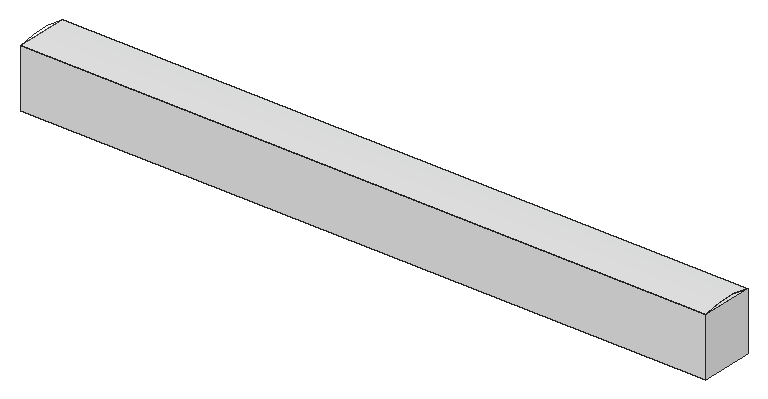
Revit family "Lighting-Linear-Acclaim-Nova", category Lighting Fixtures, host Face, Revit 2023
Family settings
  Host = Face
  Round Connector Dimension = Use Diameter
  Part Type = Normal
  Cut with Voids When Loaded = No
  Light Source = Yes
  Maintain Annotation Orientation = No
  Shared = No
  Room Calculation Point = No
Parameters
  Width = 3.74"
  Wattage = 9.2903 W
  built-in parameter 1150110 = 1 (stored number, unit not read)
  Voltage = 0 V
  URL = "http://www.acclaimlighting.com/"
  built-in parameter 1114217 = 1 (stored number, unit not read)
  Tilt Angle = -90.00°
  built-in parameter 1150109 = 1 (stored number, unit not read)
  built-in parameter 1150134 = 3
  built-in parameter 1150113 = 1 (stored number, unit not read)
  Power Factor = 1
  Photometric Web File = "Load File"
  Number of Poles = 1
  built-in parameter 1150142 = (empty or 0)
  Model = "Nova Linear"
  Manufacturer = "Acclaim Lighting"
  built-in parameter 1150105 = 109.82 (stored number, unit not read)
  Lumens = 1380 lm
  built-in parameter 1150115 = 1 (stored number, unit not read)
  built-in parameter 1150137 = (empty or 0)
  built-in parameter 1150139 = (empty or 0)
  Length = 48.00"
  built-in parameter 1150112 = 1 (stored number, unit not read)
  built-in parameter 1150114 = 1 (stored number, unit not read)
  Lamp = "LED"
  built-in parameter 1150132 = (empty or 0)
  built-in parameter 1150102 = (empty or 0)
  built-in parameter 1150107 = 3200 (stored number, unit not read)
  built-in parameter 1150138 = (empty or 0)
  built-in parameter 1150106 = 1.0982 (stored number, unit not read)
  Housing Finish = Aluminum
  Height = 4.35"
  Emit from Line Length = Length  # 48.00"
  built-in parameter 1150104 = 13.8 (stored number, unit not read)
  Dimming Lamp Color Temperature Shift = <None>
  Description = "Linear LED"
  Default Elevation = 48.00"
  Color Filter = 16777215
  built-in parameter 1114218 = 1 (stored number, unit not read)
  built-in parameter 1150133 = 10 (stored number, unit not read)
  Apparent Load = 0 VA
Reference planes (in)
  plane 1 "Center (Front/Back)": y = 0
  plane 2: z = 0
  plane 3 "Center (Left/Right)": x = 0
  plane 4: x = -2.86874
  plane 5: x = -2.08749
  plane 6: x = 2.06876
  plane 7: x = 2.85001
  plane 8: z = 4.35
  plane 9: y = 1.87
  plane 10: y = -1.87
  plane 11: x = -24
  plane 12: x = 24
  plane 13: y = 0.88591
  plane 14: y = -0.88591
  plane 15: z = 4.59
Forms (in)
  Extrusion 1, solid, material "Aluminum"
    sketch origin (0, 0, 0) x (1, 0, 0) y (0, 1, 0)
      loop
        line (-20.86874, 0.88591) -> (-20.86874, -0.88591) -> (-20.08749, -0.88591) -> (-20.08749, 0.88591) -> (-20.86874, 0.88591)
    from 0 to 0.08906
  Extrusion 2, solid, material "Aluminum"
    sketch origin (0, 0, 0) x (-1, 0, 0) y (0, -1, 0)
      loop
        line (-20.86874, -0.88591) -> (-20.08749, -0.88591) -> (-20.08749, 0.88591) -> (-20.86874, 0.88591) -> (-20.86874, -0.88591)
    from 0 to 0.08906
  Extrusion 3, solid, material "Aluminum"
    sketch origin (0, 0, 0) x (0, 1, 0) y (0, 0, 1)
      loop
        arc (-0.28434, 0.28812) -> (-0.29316, 0.17861) -> (-0.3568, 0.08906) r 0.20692
        line (-0.3568, 0.08906) -> (0, 0.08906) -> (0.3568, 0.08906)
        arc (0.3568, 0.08906) -> (0.29316, 0.17861) -> (0.28434, 0.28812) r 0.20692
        line (0.28434, 0.28812) -> (0, 0.28812) -> (-0.28434, 0.28812)
    from 20.08749 to 20.86874
  Extrusion 4, solid, material "Aluminum"
    sketch origin (0, 0, 0) x (0, 1, 0) y (0, 0, -1)
      loop
        line (-0.28434, -0.28812) -> (0, -0.28812) -> (0.28434, -0.28812)
        arc (0.28434, -0.28812) -> (0.29316, -0.17861) -> (0.3568, -0.08906) r 0.20692
        line (0.3568, -0.08906) -> (0, -0.08906) -> (-0.3568, -0.08906)
        arc (-0.3568, -0.08906) -> (-0.29316, -0.17861) -> (-0.28434, -0.28812) r 0.20692
    from 20.08749 to 20.86874
  Extrusion 5, solid, material "Aluminum"
    sketch origin (0, 0, 0) x (0, 1, 0) y (0, 0, 1)
      loop
        line (-1.87, 4.35) -> (-1.87, 0.28812) -> (1.87, 0.28812) -> (1.87, 4.35) -> (-1.87, 4.35)
    from -24 to 24
  Extrusion 6, solid, material "Glass"
    sketch origin (0, 0, 0) x (0, 1, 0) y (0, 0, 1)
      loop
        line (-1.87, 4.35) -> (1.87, 4.35)
        arc (1.87, 4.35) -> (0, 4.59) -> (-1.87, 4.35) r 7.40521
    from -24 to 24
Dimensions and locks (in)
  equal spacing: plane 9, plane 1 "Center (Front/Back)", plane 10
  "Width": plane 9 to plane 10
  equal spacing: plane 11, plane 3 "Center (Left/Right)", plane 12
  "Length": plane 11 to plane 12
  "Height": plane 8 to host face
  Extrusion 2 to Extrusion 2 to plane 12 = 0.78125" locked, 3.13126" locked
  plane 11 to Extrusion 1 to Extrusion 1 = 3.13126" locked, 0.78125" locked
  equal spacing: plane 13, plane 1 "Center (Front/Back)", plane 14
  plane 13 to plane 14 = 1.77182"
  aligned and locked: plane 2 to host face
  aligned and locked: level to host face
  aligned and locked: plane 14 to Extrusion 2 sketch curve
  aligned and locked: Extrusion 2 sketch curve to plane 13
  aligned and locked: Extrusion 1 to Extrusion 2  (x2)
  aligned and locked: Extrusion 2 to Extrusion 3  (x2)
  aligned and locked: Extrusion 1 to Extrusion 4  (x2)
  aligned and locked: plane 8 to imposter light
  aligned and locked: Extrusion 5 sketch curve to plane 8
  aligned and locked: Extrusion 5 sketch curve to plane 10
  aligned and locked: plane 9 to Extrusion 5 sketch curve
  aligned and locked: Extrusion 5 sketch curve to Extrusion 3
  aligned and locked: plane 12 to Extrusion 6
  aligned and locked: Extrusion 6 to plane 11
  aligned and locked: Extrusion 5 to plane 11
  aligned and locked: plane 12 to Extrusion 5
Automatic sketch dimensions
  host sketch curve to host sketch curve = 96.00"  (x2)
  Extrusion 1 sketch curve to plane 10 = 0.98409"
  plane 11 to Extrusion 1 sketch curve = 3.13126"
  Extrusion 1 sketch curve to Extrusion 1 sketch curve = 0.78125"
  plane 9 to Extrusion 1 sketch curve = 0.98409"
  plane 12 to Extrusion 2 sketch curve = 3.13126"
  Extrusion 2 sketch curve to Extrusion 2 sketch curve = 0.78125"
  Extrusion 3 sketch curve to plane 1 "Center (Front/Back)" = 0.00"  (x2)
  plane 1 "Center (Front/Back)" to Extrusion 3 sketch curve = 0.28434"
  level to Extrusion 3 sketch curve = 0.08906"
  Extrusion 3 sketch curve to Extrusion 3 sketch curve = 0.07245"  (x2)
  Extrusion 3 sketch curve to Extrusion 3 sketch curve = 0.13081"
  Extrusion 3 sketch curve to Extrusion 3 sketch curve = 0.28434"
  Extrusion 3 sketch curve to Extrusion 3 sketch curve = 0.20326"
  Extrusion 3 sketch curve to Extrusion 3 sketch curve = 0.16033"
  Extrusion 4 sketch curve to plane 1 "Center (Front/Back)" = 0.00"  (x2)
  plane 1 "Center (Front/Back)" to Extrusion 4 sketch curve = 0.28434"
  level to Extrusion 4 sketch curve = 0.08906"
  Extrusion 4 sketch curve to Extrusion 4 sketch curve = 0.07245"  (x2)
  Extrusion 4 sketch curve to Extrusion 4 sketch curve = 0.20326"  (x2)
  Extrusion 4 sketch curve to Extrusion 4 sketch curve = 0.28434"
  Extrusion 4 sketch curve to Extrusion 4 sketch curve = 0.16033"
  Extrusion 6 sketch curve to plane 8 = 0.00"
  Extrusion 6 sketch curve to plane 10 = 0.00"
  Extrusion 6 sketch curve to plane 9 = 0.00"
  Extrusion 6 sketch curve to level = 2.81521"
Connectors (in)
  electrical at (24, 0, 2.31906), driven by "Number of Poles", driven by "Voltage", driven by "Apparent Load", driven by "Power Factor"
    settings: on Extrusion 5, index 1, voltage 0 V, apparent load 0 VA, apparent load phase1 0 VA, apparent load phase2 0 VA, apparent load phase3 0 VA, power factor 1, load classification "Other", number of poles 1, system type 31, power factor state 1, is connector primary yes, connector utility no, sub classification motor no, connector description ""
